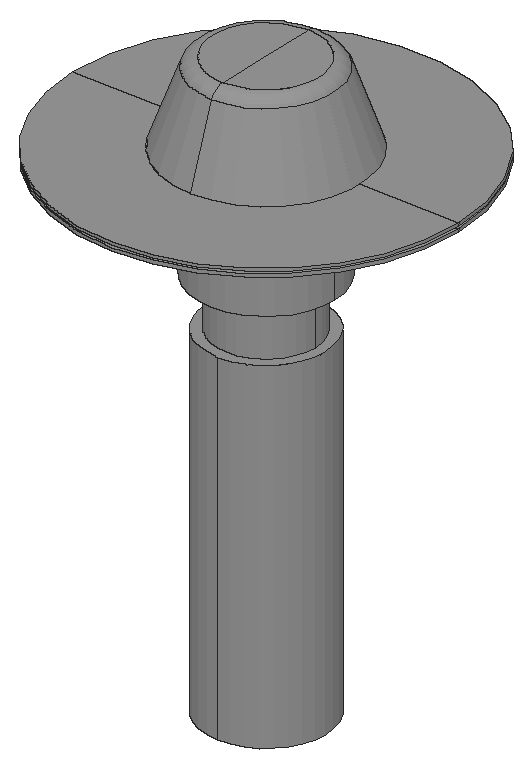
Revit family "HL_RU_Roof drain_HL69P-B-221103", category Sanitärinstallationen, Revit 2020
Family settings
  Bemaßung runder Anschluss = Durchmesser verwenden
  Teiletyp = Normal
  OmniClass-Nummer = 23.70.50.21.24.14
  OmniClass-Titel = Deck Waste Water Drains
  Arbeitsebenenbasiert = Nein
  Immer vertikal = Ja
  Beim Laden mit Abzugskörper schneiden = Nein
  Gemeinsam genutzt = Nein
  Raumberechnungspunkt = Ja
Parameters (values of type "HL_Кровельная воронка_HL69P_1")
  РЕШЁТКА = "Laubfangkorb d 145 mm"
  РАЗМЕР = "für DN110"
  ПРОПУСКНАЯ СПОСОБНОСТЬ [instance] = 0.0 L/s
  ПРОИЗВОДИТЕЛЬНОСТЬ = "6,65 l/s"
  ПРАВОВАЯ ИНФОРМАЦИЯ = "Авторские права(©), права на дизайн или какие либо другие права интелектуальной собственности являются исключительной собственностью компании HL Hutterer & Lechner. Изменению не подлежит. Файл семейства с данными о прозводителе изделия защищен паролем с водяным знаком."
  НОМИНАЛЬНЫЙ ДИАМЕТР = 110 mm
  МАТЕРИАЛ = "PP/PVC"
  ВЫСОТА МОНТАЖА = "301 mm"
  ВЕС = "1,68 [kg]"
  Vorgabe-Ansicht = 0 mm
  Hersteller = "HL Hutterer & Lechner GmbH"  # constant formula
  URL = "http://www.hutterer-lechner.com/ru/products/catalog/roof-drains/HL69P/1.aspx"
  Материал плитка [instance] = none
  Lüftungsverbindung = no
  Abwasserrohrverbindung = yes
  HW-Verbindung = no
  KW-Verbindung = no
  Beschreibung = "Кровельные воронки"
  Model = "HL69P_1"
  Assembly Code = " "
  Typenkommentare = "HL69P/1, \"Ремонтная\" кровельная воронка с ПВХ_консолью для DN110"
  Keynote = "HL69P_1"
  Bысота монтажа [instance] = 0 mm
  G [instance] = 180.00°  # constant formula
  EAN = "9003076022601"
  D [instance] = if(НОМИНАЛЬНЫЙ ДИАМЕТР = 75 mm, 250.7 mm, if(НОМИНАЛЬНЫЙ ДИАМЕТР = 160 mm, 250.7 mm, 363.5 mm)) + Bысота монтажа  # 363.5 mm
  C [instance] = if(Bысота монтажа - 68 mm < 0 mm, 0 mm, Bысота монтажа - 68 mm)  # 0 mm
  B [instance] = 100 mm  # constant formula
  A [instance] = if(B - 100 mm > 15 mm, B - 100 mm, 15 mm)  # 15 mm
Types (5, lengths in mm): name | РАЗМЕР | ПРОИЗВОДИТЕЛЬНОСТЬ | НОМИНАЛЬНЫЙ ДИАМЕТР | ВЕС | URL | Model | Typenkommentare | Keynote | EAN | D
  (no name) | "für DN110" | "6,65 l/s" | 110 | "1,68 [kg]" | "http://www.hutterer-lechner.com/ru/products/catalog/roof-drains/HL69P/1.aspx" | "HL69P_1" | "HL69P/1, \"Ремонтная\" кровельная воронка с ПВХ_консолью для DN110" | "HL69P_1" | "9003076022601" | 363.5
  HL_Кровельная воронка_HL69P_1 | "für DN110" | "6,65 l/s" | 110 | "1,68 [kg]" | "http://www.hutterer-lechner.com/ru/products/catalog/roof-drains/HL69P/1.aspx" | "HL69P_1" | "HL69P/1, \"Ремонтная\" кровельная воронка с ПВХ_консолью для DN110" | "HL69P_1" | "9003076022601" | 363.5
  HL_Кровельная воронка_HL69P_2 | "für DN125" | "10,1 l/s" | 125 | "1,78 [kg]" | "http://www.hutterer-lechner.com/ru/products/catalog/roof-drains/HL69P/2.aspx" | "HL69P_2" | "HL69P/2, \"Ремонтная\" кровельная воронка с ПВХ_консолью для DN125" | "HL69P_2" | "9003076022625" | 363.5
  HL_Кровельная воронка_HL69P_5 | "für DN160" | "9,0 l/s" | 160 | "2,17 [kg]" | "http://www.hutterer-lechner.com/ru/products/catalog/roof-drains/HL69P/5.aspx" | "HL69P_5" | "HL69P/5, \"Ремонтная\" кровельная воронка с ПВХ_консолью для DN160" | "HL69P_5" | "9003076022649" | 250.7
  HL_Кровельная воронка_HL69P_7 | "für DN75" | "6,34 l/s" | 75 | "1,423 [kg]" | "http://www.hutterer-lechner.com/ru/products/catalog/roof-drains/HL69P/7.aspx" | "HL69P_7" | "HL69P/7, \"Ремонтная\" кровельная воронка с ПВХ-консолью для DN75" | "HL69P_7" | "9003076022663" | 250.7
Reference planes
  plane 1 "Center (Front/Back)": y = 0
  plane 2: z = 0
  plane 3 "Center (Left/Right)": x = 0
  plane 4: z = -100
  plane 5: z = 0
Lines and regions (mm)
  model lines, style "InvisibleLines"
    curve 1: line (0, 0, 0) -> (0, 0, 20)
  model lines, style "PlumbingFixtures", detail levels coarse+medium
    curve 2: line (0, 0, -100) -> (0, 0, -85)
    curve 3: line (0, 0, -85) -> (-85, 0, 0)
    curve 4: line (0, 0, -85) -> (85, 0, 0)
    curve 6: line (0, 0, -100) -> (0, 0, -463.5)
  reference lines, not visible
    curve 5: line (0, 0, -100) -> (0, 0, -463.5)
  symbolic lines, style "PlumbingFixtures", detail levels coarse+medium
    curve 7: line (-75, 75, 0) -> (75, 75, 0)
    curve 8: line (-75, -75, 0) -> (-75, 75, 0)
    curve 9: line (75, -75, 0) -> (-75, -75, 0)
    curve 10: line (75, 75, 0) -> (75, -75, 0)
    curve 11: line (-75, 75, 0) -> (-145.711, 145.711, 0)
    curve 12: line (75, 75, 0) -> (145.711, 145.711, 0)
    curve 13: line (-75, -75, 0) -> (-145.711, -145.711, 0)
    curve 14: line (75, -75, 0) -> (145.711, -145.711, 0)
  symbolic lines, style "PlumbingFixtures", not visible, detail levels coarse+medium
    curve 15: line (-75, 75, 0) -> (75, 75, 0)
    curve 16: line (-75, -75, 0) -> (-75, 75, 0)
    curve 17: line (75, -75, 0) -> (-75, -75, 0)
    curve 18: line (75, 75, 0) -> (75, -75, 0)
    curve 19: line (-75, 75, 0) -> (-145.711, 145.711, 0)
    curve 20: line (75, 75, 0) -> (145.711, 145.711, 0)
    curve 21: line (-75, -75, 0) -> (-145.711, -145.711, 0)
    curve 22: line (75, -75, 0) -> (145.711, -145.711, 0)
Text (mm)
  text "FLOOR" at (-162.344, 0, -10.979), in view "Drain Construction View"
Dimensions and locks
  "B": plane 2 to plane 4
  "Bысота монтажа": plane 2 to plane 5
  "A": curve 4 to plane 4
  "D": curve 5 to curve 5
  "D": curve 6 to curve 6
  locked: curve 4 to plane 3 "Center (Left/Right)" (angle 45.00°)
  locked: plane 3 "Center (Left/Right)" to curve 3 (angle 45.00°)
  "G": angle curve 5 to plane 3 "Center (Left/Right)"
  aligned and locked: level to plane 2
  aligned and locked: plane 2 to curve 4
  aligned and locked: plane 2 to curve 3
  aligned and locked: plane 4 to curve 5
  aligned and locked: plane 3 "Center (Left/Right)" to curve 5
  aligned and locked: plane 4 to curve 2
  aligned and locked: curve 6 to plane 4
  aligned and locked: nested 1 to plane 5
  aligned and locked: nested 1 to curve 6
  aligned and locked: plane 2 to nested 2
  aligned and locked: plane 3 "Center (Left/Right)" to nested 2
Automatic sketch dimensions
  curve 2 to plane 3 "Center (Left/Right)" = 0 mm
  curve 1 to plane 3 "Center (Left/Right)" = 0 mm
  curve 1 to level = 0 mm
  level to curve 1 = 20 mm
Nested families
  nested 1: "HL_кровельные воронки - корпус_HL69P" at (0, 0, -4.5), НОМИНАЛЬНЫЙ ДИАМЕТР <- "НОМИНАЛЬНЫЙ ДИАМЕТР", type "HL_кровельные воронки - корпус_HL69P"
    with НОМИНАЛЬНЫЙ ДИАМЕТР 110 mm, C no, B no, A yes
  nested 2: "HL_Вспомогательные материалы-Противопожарная защита_HL062.1E" at (0, 0, 0), type "HL_Вспомогательные материалы-Противопожарная защита_HL062.1E"
Connectors
  piping at (0, 0, -463.5), diameter 110, driven by "ПРОПУСКНАЯ СПОСОБНОСТЬ", driven by "НОМИНАЛЬНЫЙ ДИАМЕТР"
    settings: on curve 5, index 1, connector inside diameter 609.6 mm, connector length 0 mm, flow factor 0, pipe flow 0.0 L/s, pressure drop 0.0 Pa, fitting loss kfactor 0, connector angle 0.00°, fixture units 0, engagement length 0 mm, angle of deflection 0.00°, flow configuration 1, flow direction 2, fitting loss method 0, system type 16, joint type 0, gender type 0, connector reference index -1, connector utility 0, adjustable connector yes, is connector primary yes, connector description ""
Definition of nested family "HL_кровельные воронки - корпус_HL69P"
  Parameters (values of type "HL_кровельные воронки - корпус_HL69P")
    НОМИНАЛЬНЫЙ ДИАМЕТР [instance] = 110 mm
    Default Elevation = 0 mm
    Manufacturer = ""
    URL = ""
    Description = ""
    Model = ""
    Type Comments = ""
    Cost = 0
    C [instance] = if(НОМИНАЛЬНЫЙ ДИАМЕТР = 160 mm, (1 = 1), 0 = 1)  # no
    B [instance] = if(НОМИНАЛЬНЫЙ ДИАМЕТР = 75 mm, (1 = 1), 0 = 1)  # no
    A [instance] = if(or(НОМИНАЛЬНЫЙ ДИАМЕТР = 125 mm, НОМИНАЛЬНЫЙ ДИАМЕТР = 110 mm), (1 = 1), 0 = 1)  # yes
  Reference planes
    plane 1 "Střed (vpředu/vzadu)": y = 0
    plane 2: z = 0
    plane 3 "Střed (vlevo/vpravo)": x = 0
  Forms (mm)
    Revolve 1, solid, detail levels fine
      sketch origin (0, 0, 0) x (1, 0, 0) y (0, 0, 1)
        loop
          line (-177, -3) -> (-128.681, -3) -> (-104.622, -11.757) -> (-85.494, -11.757) -> (-85.494, -34.757) -> (-80.751, -34.757) -> (-80.751, -45.214) -> (0, -45.214) -> (0, -42) -> (-77.75, -42) -> (-77.75, -25.487) -> (-82.978, -18.291) -> (-82.978, 0) -> (-177, 0) -> (-177, -3)
        axis (0, 0) -> (0, -45.214)
      angle from 0 to 360
    Revolve 2, solid, detail levels fine
      sketch origin (0, 0, 0) x (1, 0, 0) y (0, 0, 1)
        loop
          line (-177, 2) -> (-81.339, 2) -> (-81.339, -18.661) -> (-76.5, -23.5) -> (-73.99, -23.5) -> (-79.024, -17.5) -> (-79.024, 2.5) -> (-85.999, 4.5) -> (-177, 4.5) -> (-177, 2)
        axis (0, 4.5) -> (0, -23.5)
      angle from 0 to 360
    Revolve 3, solid, visible <- "A", detail levels fine
      sketch origin (-420, 0, 0) x (1, 0, 0) y (0, 0, 1)
        loop
          line (374.558, -144) -> (420, -144) -> (420, -45.214) -> (346.285, -45.214) -> (356.819, -63.459) -> (356.819, -99) -> (374.558, -99) -> (374.558, -144)
        axis (420, -45.214) -> (420, -144)
      angle from 0 to 360
    Extrusion 4, solid, visible <- "A", detail levels fine
      sketch origin (0, 0, -144) x (0, 1, 0) y (1, 0, 0)
        loop
          circle (0, 0) r 55
      from 0 to 315
    Revolve 5, solid, visible <- "C", detail levels fine
      sketch origin (0, 0, 0) x (1, 0, 0) y (0, 0, 1)
        loop
          line (-73.507, -45.214) -> (-73.507, -67.214) -> (-63.507, -67.214) -> (-63.507, -107.714) -> (-81.007, -107.714) -> (-81.007, -346.214) -> (0, -346.214) -> (0, -45.214) -> (-73.507, -45.214)
        axis (0, -45.214) -> (0, -346.214)
      angle from 0 to 360
    Revolve 6, solid, visible <- "B", detail levels fine
      sketch origin (0, 0, 0) x (1, 0, 0) y (0, 0, 1)
        loop
          line (-28.12, -94.314) -> (-28.12, -108.214) -> (-35.72, -108.214) -> (-35.72, -346.214) -> (0, -346.214) -> (0, -45.214) -> (-62.726, -45.214) -> (-28.12, -94.314)
        axis (0, -45.214) -> (0, -346.214)
      angle from 0 to 360
  Dimensions and locks
    "НОМИНАЛЬНЫЙ ДИАМЕТР": diameter of Extrusion 4 sketch curve
    aligned and locked: level to plane 2
  Automatic sketch dimensions
    Revolve 1 sketch curve to level = 0 mm
    Revolve 1 sketch curve to plane 3 "Střed (vlevo/vpravo)" = 0 mm  (x2)
    Revolve 1 sketch curve to plane 3 "Střed (vlevo/vpravo)" = 77.75 mm
    Revolve 1 sketch curve to Revolve 1 sketch curve = 3.001 mm
    Revolve 1 sketch curve to level = 18.291 mm
    Revolve 1 sketch curve to Revolve 1 sketch curve = 5.228 mm
    Revolve 1 sketch curve to Revolve 1 sketch curve = 2.516 mm
    Revolve 1 sketch curve to Revolve 1 sketch curve = 19.128 mm
    Revolve 1 sketch curve to level = 3 mm
    Revolve 1 sketch curve to Revolve 1 sketch curve = 24.058 mm
    Revolve 1 sketch curve to Revolve 1 sketch curve = 48.319 mm
    Revolve 1 sketch curve to Revolve 1 sketch curve = 7.196 mm
    Revolve 1 sketch curve to Revolve 1 sketch curve = 9.27 mm
    Revolve 1 sketch curve to level = 42 mm
    Revolve 1 sketch curve to Revolve 1 sketch curve = 3.214 mm
    Revolve 1 sketch curve to level = 11.757 mm
    level to Revolve 1 sketch curve = 29.5 mm
    Revolve 1 sketch curve to Revolve 1 sketch curve = 50 mm
    Revolve 2 sketch curve to plane 3 "Střed (vlevo/vpravo)" = 0 mm
    Revolve 2 sketch curve to level = 23.5 mm
    Revolve 2 sketch curve to plane 3 "Střed (vlevo/vpravo)" = 73.99 mm
    Revolve 2 sketch curve to Revolve 2 sketch curve = 2.51 mm
    Revolve 2 sketch curve to level = 17.5 mm
    Revolve 2 sketch curve to Revolve 2 sketch curve = 2.524 mm
    Revolve 2 sketch curve to Revolve 2 sketch curve = 2.315 mm
    level to Revolve 2 sketch curve = 4.5 mm
    Revolve 2 sketch curve to Revolve 2 sketch curve = 4.66 mm
    level to Revolve 2 sketch curve = 2 mm
    Revolve 2 sketch curve to Revolve 2 sketch curve = 91.001 mm
    Revolve 2 sketch curve to Revolve 2 sketch curve = 1.161 mm
    Revolve 2 sketch curve to Revolve 2 sketch curve = 0.5 mm
    level to Revolve 2 sketch curve = 16.916 mm
    Revolve 2 sketch curve to Revolve 2 sketch curve = 27.433 mm
    Revolve 3 sketch curve to plane 3 "Střed (vlevo/vpravo)" = 0 mm  (x2)
    Revolve 3 sketch curve to plane 3 "Střed (vlevo/vpravo)" = 45.442 mm
    Revolve 3 sketch curve to Revolve 3 sketch curve = 17.739 mm
    Revolve 3 sketch curve to Revolve 3 sketch curve = 10.533 mm
    Revolve 3 sketch curve to level = 144 mm
    Revolve 3 sketch curve to Revolve 3 sketch curve = 45 mm
    Revolve 3 sketch curve to Revolve 3 sketch curve = 35.541 mm
    Revolve 3 sketch curve to level = 45.214 mm
    level to Revolve 3 sketch curve = 29.5 mm
    Revolve 3 sketch curve to Revolve 3 sketch curve = 50 mm
    Revolve 5 sketch curve to plane 3 "Střed (vlevo/vpravo)" = 0 mm
    Revolve 5 sketch curve to plane 3 "Střed (vlevo/vpravo)" = 63.507 mm
    Revolve 5 sketch curve to Revolve 5 sketch curve = 10 mm
    Revolve 5 sketch curve to Revolve 5 sketch curve = 17.5 mm
    Revolve 5 sketch curve to level = 346.214 mm
    Revolve 5 sketch curve to level = 107.714 mm
    Revolve 5 sketch curve to Revolve 5 sketch curve = 40.5 mm
    Revolve 5 sketch curve to Revolve 5 sketch curve = 22 mm
    Revolve 6 sketch curve to plane 3 "Střed (vlevo/vpravo)" = 0 mm
    Revolve 6 sketch curve to plane 3 "Střed (vlevo/vpravo)" = 28.12 mm
    Revolve 6 sketch curve to plane 3 "Střed (vlevo/vpravo)" = 35.72 mm
    Revolve 6 sketch curve to Revolve 6 sketch curve = 34.606 mm
    Revolve 6 sketch curve to level = 346.214 mm
    Revolve 6 sketch curve to level = 108.214 mm
    Revolve 6 sketch curve to Revolve 6 sketch curve = 13.9 mm
    Revolve 6 sketch curve to level = 45.214 mm
    Extrusion 4 sketch curve to Revolve 3 = 0 mm
Definition of nested family "HL_Вспомогательные материалы-Противопожарная защита_HL062.1E"
  Parameters
    ПРАВОВАЯ ИНФОРМАЦИЯ = ""
    ВЕС = "0,097 [kg]"
    Default Elevation = 0 mm
    Manufacturer = ""
    URL = ""
    Материал плитка = none
    Description = ""
    Model = ""
    Type Comments = "HL062.1E, domed plastic grate"
    Keynote = ""
    Пропускная способность [instance] = 0.0 L/s
    EAN = "9003076006212"
    Cost = 0
  Types (2, lengths in mm): name | ПРАВОВАЯ ИНФОРМАЦИЯ | Manufacturer | URL | Description | Model | Type Comments | Keynote
    (no name) | "" | "" | "" | "" | "" | "HL062.1E, domed plastic grate" | ""
    HL_Вспомогательные материалы-Противопожарная защита_HL062.1E | "Авторские права(©), права на дизайн или какие либо другие права интелектуальной собственности являются исключительной собственностью компании HL Hutterer & Lechner. Изменению не подлежит. Файл семейства с данными о прозводителе изделия защищен паролем с водяным знаком." | "HL Hutterer & Lechner GmbH" | "http://www.hutterer-lechner.com/ru/products/catalog/roof-drains/HL062.1E.aspx" | "Кровельные воронки" | "HL062.1E" | "HL062.1E, Листвоуловитель" | "HL062.1E"
  Reference planes
    plane 1 "Střed (vpředu/vzadu)": y = 0
    plane 2: z = 0
    plane 3 "Střed (vlevo/vpravo)": x = 0
  Forms (mm)
    Revolve 1, solid, detail levels fine
      sketch origin (0, 0, 0) x (0, 1, 0) y (0, 0, 1)
        loop
          line (0, 75) -> (0, 60.2) -> (47.074, 60.2) -> (68.985, 0) -> (86.249, 0) -> (61.992, 66.646)
          arc (61.992, 66.646) -> (56.733, 72.731) -> (49.016, 75) r 14.255
          line (49.016, 75) -> (0, 75)
        axis (0, 75) -> (0, 0)
      angle from 0 to 360
    Extrusion 2, solid, detail levels fine
      sketch origin (0, 0, 0) x (0, 1, 0) y (1, 0, 0)
        loop
          circle (0, 0) r 78.587
        loop
          circle (0, 0) r 70.981
      from 0 to 16.7
    Extrusion 3, solid, detail levels fine
      sketch origin (0, 0, -16.7) x (-1, 0, 0) y (0, 1, 0)
        loop
          circle (0, 0) r 70
        loop
          circle (0, 0) r 74.546
      from 0 to 12.3
  Dimensions and locks
    aligned and locked: level to plane 2
